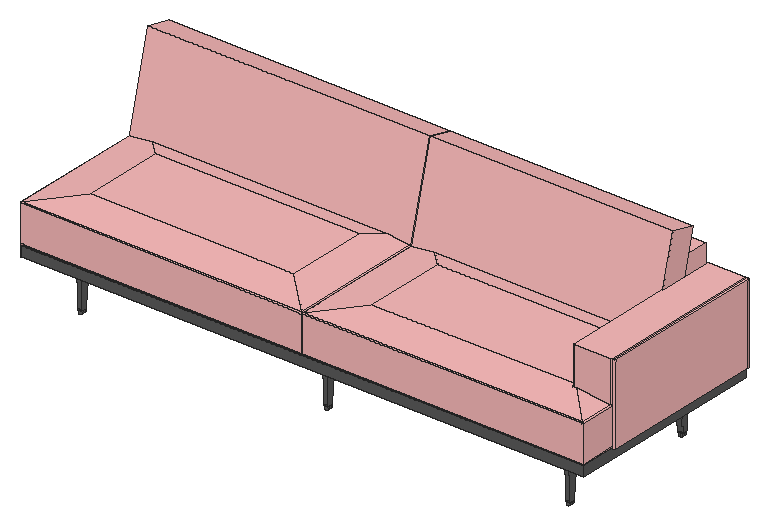
Revit family "Haworth_Lyda_Lounge_Sofa_OneArm", category Furniture, Revit 2018
Family settings
  OmniClass Number = 23.40.70.14.64.21
  OmniClass Title = Systems Furniture
  Work Plane-Based = No
  Always vertical = Yes
  Cut with Voids When Loaded = No
  Shared = No
  Room Calculation Point = No
Parameters (values of type "Three Seat Sofa")
  Warranty = "http://www.haworth.com/resources/product-info/warranties"
  Upholstery Finish [instance] = Haworth _ Fabric _ Atlas _ 501 LW-G
  URL - Product = "https://www.haworth.com/na/en/products/lounge-sofas/ottomans/lydalounge.html"
  URL = "www.haworth.com"
  Two Seats = no
  Three Seats = yes
  Sustainability Info = "https://www.haworth.com/company-info/sustainability"
  Standard Width = "48.75, 62.75, 90.75 in"  # constant formula
  Standard Depth = "32.75 in"  # constant formula
  Size = "Verify Final Dim. w/ Haworth"  # constant formula
  Seat Width = if(Chair, 48 3/4", if(Two Seats, 31 3/8", 45 3/8"))  # 45 3/8"
  Seat Height = 17"  # constant formula
  Seat Depth = 25 3/4"  # constant formula
  Revision Number = "1"  # constant formula
  Model = "HCCL-LYL3-RN"
  Manufacturer = "Haworth"  # constant formula
  Leg Width = 5 119/128"  # constant formula
  Leg Offset = 4 1/2"  # constant formula
  Leg Finish = Haworth _ Paint _ Black
  Left Chair = not(Chair)  # yes
  Drawers = yes
  Drawer Finish [instance] = Haworth _ Fabric _ Atlas _ 501 LW-G
  Description = "Haworth - Lyda - Lounge - Sofa - Three Seats - w/One Arm"
  Chair = not(or(Two Seats, Three Seats))  # no
  Base Finish [instance] = Haworth _ Paint _ Black
  Back Upholstery Width = Seat Width - 6 1/4"  # 39 1/8"
  Author = "Haworth (Abd Rahman)"  # constant formula
  Assembly Code = "E2020200"
  Arm Width = 6 1/4"  # constant formula
  Arm Height = 12 49/64"  # constant formula
  Arm Finish [instance] = Haworth _ Fabric _ Atlas _ 501 LW-G
  Arm Depth = 27"  # constant formula
  Actual Width = if(Chair, 48 3/4", if(Two Seats, 62 3/4", 90 3/4"))  # 90 3/4"
  Actual Height = 30 1/4"  # constant formula
  Actual Depth = 32 3/4"  # constant formula
Types (3): name | Two Seats | Three Seats | Seat Width | Model | Left Chair | Drawers | Description | Chair | Back Upholstery Width | Actual Width
  Two Seat Sofa | yes | no | 31 3/8" | "HCCL-LYL2-RN" | yes | yes | "Haworth - Lyda - Lounge - Sofa - Two Seats - w/One Arm" | no | 25 1/8" | 62 3/4"
  One Seat Sofa | no | no | 48 3/4" | "HCCL-LYL1-RN" | no | no | "Haworth - Lyda - Lounge - Chair - One Seat - w/One Arm" | yes | 42 1/2" | 48 3/4"
  Three Seat Sofa | no | yes | 45 3/8" | "HCCL-LYL3-RN" | yes | yes | "Haworth - Lyda - Lounge - Sofa - Three Seats - w/One Arm" | no | 39 1/8" | 90 3/4"
Reference planes (in)
  plane 1: z = 0
  plane 2 "Center L/R": x = -6.17556
  plane 3 "Center F/B": y = -11.5
  plane 4 "Back": y = 4.875
  plane 5 "Front": y = -27.875
  plane 6 "Right": x = 39.19944
  plane 7 "Left": x = -51.55056
  plane 8: z = 17
  plane 9: z = 8.24731
  plane 10: z = 9.90088
  plane 11: z = 7.9995
  plane 12: z = 30.25
  plane 13: x = 32.94944
  plane 14: x = -45.62087
  plane 15: y = -23.375
  plane 16: y = 0.375
Forms (in)
  Extrusion 1, solid, material "Haworth _ Paint _ Black" <- "Base Finish"
    sketch origin (0, 0, 0) x (1, 0, 0) y (0, 1, 0)
      loop
        arc (-51.2927, 4.875) -> (-51.47503, 4.79948) -> (-51.55056, 4.61715) r 0.25785
        line (-51.55056, 4.61715) -> (-51.55056, -27.625)
        arc (-51.55056, -27.625) -> (-51.47733, -27.80178) -> (-51.30056, -27.875) r 0.25
        line (-51.30056, -27.875) -> (39.19944, -27.875) -> (39.19944, 4.875) -> (-51.2927, 4.875)
    from 8.24731 to 9.90088
Lines and regions (in)
  Masking region 1
    outline origin (0, 0, 0) x (1, 0, 0) y (0, 1, 0)
      loop
        line (38.94944, 4.875) -> (-51.2927, 4.875)
        arc (-51.2927, 4.875) -> (-51.47503, 4.79948) -> (-51.55056, 4.61715) r 0.25785
        line (-51.55056, 4.61715) -> (-51.55056, -27.625)
        arc (-51.55056, -27.625) -> (-51.47733, -27.80178) -> (-51.30056, -27.875) r 0.25
        line (-51.30056, -27.875) -> (38.94944, -27.875)
        arc (38.94944, -27.875) -> (39.12622, -27.80178) -> (39.19944, -27.625) r 0.25
        line (39.19944, -27.625) -> (39.19944, 4.625)
        arc (39.19944, 4.625) -> (39.12622, 4.80178) -> (38.94944, 4.875) r 0.25
  symbolic lines
    curve 1: line (32.94944, 4.875, 0) -> (32.94944, -22.125, 0)
    curve 2: line (39.19944, -22.125, 0) -> (32.94944, -22.125, 0)
Dimensions and locks (in)
  "Actual Width": plane 7 "Left" to plane 6 "Right"
  equal spacing: plane 4 "Back", plane 3 "Center F/B", plane 5 "Front"
  "Actual Depth": plane 4 "Back" to plane 5 "Front"
  "Seat Height": plane 8 to level
  "Actual Height": plane 12 to level
  "Arm Width": plane 13 to plane 6 "Right"
  "Leg Width": plane 7 "Left" to plane 14
  "Leg Offset": plane 4 "Back" to plane 16
  "Leg Offset": plane 15 to plane 5 "Front"
  aligned and locked: Extrusion 1 to plane 10
  aligned and locked: Extrusion 1 to plane 9
  aligned and locked: Extrusion 1 sketch curve to plane 6 "Right"
  aligned and locked: Extrusion 1 sketch curve to plane 5 "Front"
  aligned and locked: Extrusion 1 sketch curve to plane 7 "Left"
  aligned and locked: Extrusion 1 sketch curve to plane 4 "Back"
  aligned and locked: plane 5 "Front" to nested 1
  aligned and locked: plane 5 "Front" to nested 4
  aligned and locked: plane 4 "Back" to nested 3
  aligned and locked: plane 4 "Back" to nested 2
  aligned and locked: plane 4 "Back" to nested 5
  aligned and locked: plane 10 to nested 5
  aligned and locked: plane 10 to nested 2
  aligned and locked: plane 10 to nested 3
  aligned and locked: plane 6 "Right" to nested 5
  aligned and locked: plane 6 "Right" to nested 1
  aligned and locked: nested 2 to plane 13
  aligned and locked: plane 13 to nested 7
  aligned and locked: nested 9 to plane 13
  aligned and locked: plane 14 to nested 6
  aligned and locked: nested 8 to plane 14
  aligned and locked: nested 10 to plane 2 "Center L/R"
  aligned and locked: plane 2 "Center L/R" to nested 11
  aligned and locked: curve 1 to nested 5
  aligned and locked: curve 2 to nested 5
  aligned and locked: plane 13 to curve 2
  aligned and locked: plane 6 "Right" to curve 2
  aligned and locked: plane 4 "Back" to curve 1
  aligned and locked: nested 5 to curve 1
  aligned and locked: plane 7 "Left" to nested 4
  aligned and locked: plane 7 "Left" to nested 3
  aligned and locked: plane 4 "Back" to nested 12
  aligned and locked: plane 6 "Right" to nested 12
  aligned and locked: plane 10 to nested 1
  aligned and locked: plane 10 to nested 12
  aligned and locked: plane 10 to nested 4
  aligned and locked: plane 4 "Back" to Masking region 1
  aligned and locked: Masking region 1 to plane 5 "Front"
  aligned and locked: Masking region 1 to plane 7 "Left"
  aligned and locked: plane 6 "Right" to Masking region 1
  aligned and locked: nested 8 to plane 16
  aligned and locked: nested 6 to plane 15
  aligned and locked: plane 15 to nested 7
  aligned and locked: plane 16 to nested 9
Automatic sketch dimensions
  Masking region 1 sketch curve to plane 7 "Left" = 0"
  Masking region 1 sketch curve to plane 5 "Front" = 0"
  plane 4 "Back" to Masking region 1 sketch curve = 0"
  Masking region 1 sketch curve to plane 6 "Right" = 0"
  Masking region 1 sketch curve to Masking region 1 sketch curve = 1/4"  (x2)
  plane 7 "Left" to Masking region 1 sketch curve = 0.25785"
  Masking region 1 sketch curve to plane 4 "Back" = 1/4"
  plane 7 "Left" to Extrusion 1 sketch curve = 1/4"
  Extrusion 1 sketch curve to plane 4 "Back" = 0.25785"
Nested families (in)
  nested 1: "Haworth_Lyda_Cushion_Rectangle_Sofa_PART" at (22.6875, -0.10151, 0), Cushion Finish <- "Upholstery Finish", type "Cushion - Rectangle - Sofa - PART"
    with Cushion Finish Haworth _ Fabric _ Atlas _ 501 LW-G, Actual Width 45 3/8", Actual Depth 25 3/4"
  nested 2: "Haworth_Lyda_BackUpholstery_PART" at (19.5625, 0, 0), Back Upholstery Finish <- "Upholstery Finish", type "Back Upholstery - Right - PART"
    with Back Upholstery Finish Haworth _ Fabric _ Atlas _ 501 LW-G, Actual Width 39 1/8"
  nested 3: "Haworth_Lyda_BackUpholstery_PART" at (-22.6875, 0, 0), visible <- "Left Chair", Back Upholstery Finish <- "Upholstery Finish", type "Back Upholstery - Left - PART"
    with Back Upholstery Finish Haworth _ Fabric _ Atlas _ 501 LW-G, Actual Width 45 3/8"
  nested 4: "Haworth_Lyda_Cushion_Rectangle_PART" at (-22.6875, -0.10151, 0), visible <- "Left Chair", Cushion Finish <- "Upholstery Finish", type "Cushion - Rectangle - PART"
    with Cushion Finish Haworth _ Fabric _ Atlas _ 501 LW-G, Actual Width 45 3/8", Actual Depth 25 3/4"
  nested 5: "Haworth_Lyda_Arm_PART" at (42.25, -8.02148, 0), Arm Finish <- "Arm Finish", type "Arm - PART"
    with Arm Finish Haworth _ Fabric _ Atlas _ 501 LW-G, Actual Depth 27"
  nested 6: "Haworth_Lyda_Leg_PART" at (-39.49073, -7.50667, 0), Support Finish <- "Leg Finish", type "Leg - PART"
    with Support Finish Haworth _ Paint _ Black
  nested 7: "Haworth_Lyda_Leg_PART" at (26.81931, -7.50667, 0) x (-1, 0, 0) z (0, 0, 1), Support Finish <- "Leg Finish", type "Leg - PART"
    with Support Finish Haworth _ Paint _ Black
  nested 8: "Haworth_Lyda_Leg_PART" at (-39.49073, -15.49333, 0), Support Finish <- "Leg Finish", type "Leg - PART"
    with Support Finish Haworth _ Paint _ Black
  nested 9: "Haworth_Lyda_Leg_PART" at (26.81931, -15.49333, 0) x (-1, 0, 0) z (0, 0, 1), Support Finish <- "Leg Finish", type "Leg - PART"
    with Support Finish Haworth _ Paint _ Black
  nested 10: "Haworth_Lyda_Leg_PART" at (-0.04542, -7.28732, 0), visible <- "Three Seats", Support Finish <- "Leg Finish", type "Leg - PART"
    with Support Finish Haworth _ Paint _ Black
  nested 11: "Haworth_Lyda_Leg_PART" at (-0.04542, -15.71268, 0), visible <- "Three Seats", Support Finish <- "Leg Finish", type "Leg - PART"
    with Support Finish Haworth _ Paint _ Black
  nested 12: "Haworth_Lyda_Drawer_PART" at (45.62109, -8.02148, 0), Drawer Finish <- "Drawer Finish", visible <- "Drawers", type "Drawer - PART"
    with Drawer Finish Haworth _ Fabric _ Atlas _ 501 LW-G, Actual Depth 27"
Definition of nested family "Haworth_Lyda_Cushion_Rectangle_Sofa_PART"
  Parameters (values of type "Cushion - Rectangle - Sofa - PART")
    Warranty = "http://www.haworth.com/resources/product-info/warranties"
    URL - Product = ""
    URL = "www.haworth.com"
    Sustainability Info = "https://www.haworth.com/company-info/sustainability"
    Size = "Verify Final Dim. w/ Haworth"  # constant formula
    Seat Height = 17"  # constant formula
    Revision Number = "1"  # constant formula
    Model = "Haworth - Lyda"  # constant formula
    Manufacturer = "Haworth"  # constant formula
    Description = "Haworth - Lyda - Cushion - Rectangle - Sofa - PART"  # constant formula
    Cushion Finish [instance] = none
    Author = "Haworth (Abd Rahman)"  # constant formula
    Assembly Code = "E2020200"
    Actual Width = 42"
    Actual Height = 30 1/4"  # constant formula
    Actual Depth = 25 61/64"
  Reference planes (in)
    plane 1: z = 0
    plane 2 "Center L/R": x = -6.17556
    plane 3 "Front": y = -27.87505
    plane 4 "Right": x = 14.82444
    plane 5 "Left": x = -27.17556
    plane 6: z = 17
    plane 7: z = 8.24731
    plane 8: z = 9.90088
    plane 9: z = 7.9995
    plane 10: z = 30.25
    plane 11: x = -17.17556
    plane 12: x = 4.82444
    plane 13 "Back": y = -1.92193
    plane 14 "Center (Front/Back)": y = -14.89849
    plane 15: y = -11.92378
    plane 16: y = -17.87505
    plane 17: y = -22.12505
    plane 18: y = 0.87495
    plane 19: x = 8.57444
    plane 20: x = 21.37055
  Forms (in)
    Extrusion 1, solid, material <- "Cushion Finish"
      sketch origin (0, 0, 0) x (1, 0, 0) y (0, 1, 0)
        loop
          line (-17.17556, -11.92378) -> (-17.17556, -17.87505) -> (4.82444, -17.87505) -> (4.82444, -11.92378) -> (-17.17556, -11.92378)
      from 9.90088 to 16.68463
    Sweep 2, solid, material <- "Cushion Finish"
      path in 3D
        loop
          line (4.82444, -11.92378, 16.68463) -> (-17.17556, -11.92378, 16.68463) -> (-17.17556, -17.87505, 16.68463) -> (4.82444, -17.87505, 16.68463) -> (4.82444, -11.92378, 16.68463)
      profile origin (4.82444, -14.89941, 16.68463) x (-1, 0, 0) y (0, 0, 1)
        loop
          line (0, 0) -> (-3.70108, 0)
          arc (-3.70108, 0) -> (-6.80163, -0.15611) -> (-9.87082, -0.62287) r 30.86799
          arc (-9.87082, -0.62287) -> (-9.9636, -0.67895) -> (-10, -0.78107) r 0.16145
          line (-10, -0.78107) -> (-10, -6.65029)
          arc (-10, -6.65029) -> (-9.96149, -6.74327) -> (-9.8685, -6.78179) r 0.1315
          line (-9.8685, -6.78179) -> (0, -6.78179) -> (0, 0)
    Extrusion 3, void
      sketch origin (0, 0, 0) x (1, 0, 0) y (0, 1, 0)
        loop
          line (8.57444, 0.87495) -> (8.57444, -22.12505) -> (21.37055, -22.12505) -> (21.37055, 0.87495) -> (8.57444, 0.87495)
      from 0 to 28
  Cuts and joins
    Extrusion 3 cuts Extrusion 1
    Extrusion 3 cuts Sweep 2
    joined: Extrusion 1, Sweep 2
  Lines and regions (in)
    Masking region 1
      outline origin (0, 0, 0) x (1, 0, 0) y (0, 1, 0)
        loop
          line (-27.17736, -1.92203) -> (-27.17736, -27.8768) -> (14.82444, -27.8768) -> (14.82444, -22.12505) -> (8.57444, -22.12505) -> (8.57444, -1.92203) -> (-27.17736, -1.92203)
    sketch lines
      curve 1: line (4.82444, -17.87505, 16.68463) -> (4.82444, -11.92378, 16.68463)
      curve 2: line (4.82444, -11.92378, 16.68463) -> (-17.17556, -11.92378, 16.68463)
      curve 3: line (-17.17556, -11.92378, 16.68463) -> (-17.17556, -17.87505, 16.68463)
      curve 4: line (-17.17556, -17.87505, 16.68463) -> (4.82444, -17.87505, 16.68463)
  Dimensions and locks (in)
    equal spacing: plane 5 "Left", plane 2 "Center L/R", plane 4 "Right"
    "Actual Width": plane 5 "Left" to plane 4 "Right"
    "Seat Height": plane 6 to level
    "Actual Height": plane 10 to level
    locked: plane 12 to plane 4 "Right" at 10
    locked: plane 5 "Left" to plane 11 at 10
    equal spacing: plane 3 "Front", plane 14 "Center (Front/Back)", plane 13 "Back"
    "Actual Depth": plane 3 "Front" to plane 13 "Back"
    locked: plane 3 "Front" to plane 16 at 10
    locked: plane 15 to plane 13 "Back" at 10.00185
    plane 19 to plane 4 "Right" to plane 20 = 6 1/4" locked, 6.54611" locked
    plane 18 to plane 13 "Back" = 2 51/64"
    plane 17 to plane 3 "Front" = 5 3/4"
    aligned and locked: plane 12 to Extrusion 1 sketch curve
    aligned and locked: Extrusion 1 sketch curve to plane 11
    aligned and locked: plane 8 to Extrusion 1
    aligned and locked: Sweep 2 sketch curve to plane 4 "Right"
    aligned and locked: Extrusion 1 sketch curve to plane 16
    aligned and locked: plane 15 to Extrusion 1 sketch curve
    aligned and locked: Extrusion 3 sketch curve to plane 18
    aligned and locked: plane 17 to Extrusion 3 sketch curve
    aligned and locked: Extrusion 3 sketch curve to plane 20
    aligned and locked: Masking region 1 sketch curve to cut or joined group of Extrusion 1, Sweep 2, Extrusion 3  (x2)
    aligned and locked: Masking region 1 sketch curve to plane 4 "Right"
  Automatic sketch dimensions
    Sweep 2 sketch curve to profile plane = 0"  (x2)
    profile plane to Sweep 2 sketch curve = 3.70108"
    Sweep 2 sketch curve to profile plane = 0.78107"
    Sweep 2 sketch curve to Sweep 2 sketch curve = 0.02996"
    Sweep 2 sketch curve to Sweep 2 sketch curve = 0.16145"
    Sweep 2 sketch curve to Sweep 2 sketch curve = 5.86922"
    Sweep 2 sketch curve to Sweep 2 sketch curve = 24.0862"
    Extrusion 3 sketch curve to plane 19 = 0"
    plane 13 "Back" to Masking region 1 sketch curve = 0.0001"
    Masking region 1 sketch curve to plane 5 "Left" = 0.0018"
    Masking region 1 sketch curve to plane 3 "Front" = 0.00175"
Definition of nested family "Haworth_Lyda_BackUpholstery_PART"
  Parameters (values of type "Back Upholstery - PART")
    Warranty = "http://www.haworth.com/resources/product-info/warranties"
    URL - Product = ""
    URL = "www.haworth.com"
    Sustainability Info = "https://www.haworth.com/company-info/sustainability"
    Size = "Verify Final Dim. w/ Haworth"  # constant formula
    Seat Height = 17"  # constant formula
    Revision Number = "1"  # constant formula
    Model = "Haworth - Lyda"  # constant formula
    Manufacturer = "Haworth"  # constant formula
    Description = "Haworth - Lyda - Back Upholstery - PART"  # constant formula
    Back Upholstery Finish [instance] = none
    Author = "Haworth (Abd Rahman)"  # constant formula
    Assembly Code = "E2020200"
    Actual Width = 42 1/2"
    Actual Height = 30 1/4"  # constant formula
    Actual Depth = 10 245/256"  # constant formula
  Reference planes (in)
    plane 1: z = 0
    plane 2 "Center L/R": x = -6.17556
    plane 3 "Back": y = 4.875
    plane 4 "Right": x = 15.07444
    plane 5 "Left": x = -27.42556
    plane 6: z = 17
    plane 7: z = 8.24731
    plane 8: z = 9.90088
    plane 9: z = 7.9995
    plane 10: z = 30.25
    plane 11 "Front": y = -6.08203
    plane 12 "Center (Front/Back)": y = -0.60352
  Forms (in)
    Sweep 1, solid, material <- "Back Upholstery Finish"
      path origin (-32.25, 0, 0) x (1, 0, 0) y (0, 1, 0)
        loop
          line (47.32444, 0.99703) -> (4.82444, 0.99703)
      profile origin (-6.17556, 0.99703, 0) x (0, -1, 0) y (0, 0, 1)
        loop
          line (-3.64093, 9.90088) -> (3.12279, 9.90088) -> (3.12203, 15.32659) -> (2.73707, 15.32659) -> (0, 25.59256) -> (-3.59839, 25.59675)
          arc (-3.59839, 25.59675) -> (-3.88208, 17.74953) -> (-3.64093, 9.90088) r 117.48518
    Sweep 2, solid, material <- "Back Upholstery Finish"
      path origin (-32.25, 0, 0) x (1, 0, 0) y (0, 1, 0)
        loop
          line (47.32444, -2.12173) -> (4.82444, -2.12173)
      profile origin (-6.17556, -2.12173, 0) x (0, -1, 0) y (0, 0, 1)
        loop
          arc (3.96036, 15.32659) -> (2.17689, 22.84002) -> (0.00327, 30.25) r 147.73615
          arc (0.00327, 30.25) -> (-2.06438, 29.82589) -> (-4.08326, 29.21012) r 22.52629
          line (-4.08326, 29.21012) -> (-0.38169, 15.32659) -> (3.96036, 15.32659)
  Lines and regions (in)
    Masking region 1
      outline origin (0, 0, 0) x (1, 0, 0) y (0, 1, 0)
        loop
          line (14.82444, 4.875) -> (-27.1677, 4.875)
          arc (-27.1677, 4.875) -> (-27.35003, 4.79948) -> (-27.42556, 4.61715) r 0.25785
          line (-27.42556, 4.61715) -> (-27.42556, -5.83209)
          arc (-27.42556, -5.83209) -> (-27.35233, -6.00887) -> (-27.17556, -6.08209) r 0.25
          line (-27.17556, -6.08209) -> (14.82444, -6.08209)
          arc (14.82444, -6.08209) -> (15.00122, -6.00887) -> (15.07444, -5.83209) r 0.25
          line (15.07444, -5.83209) -> (15.07444, 4.625)
          arc (15.07444, 4.625) -> (15.00122, 4.80178) -> (14.82444, 4.875) r 0.25
    symbolic lines
      curve 1: line (-27.42556, 1.96156, 0) -> (15.07444, 1.96156, 0)
      curve 2: line (15.07444, 1.96156, 0) -> (15.07444, -2.12574, 0)
      curve 3: line (15.07444, -2.12574, 0) -> (-27.42556, -2.12574, 0)
      curve 4: line (-27.42556, 0.99706, 0) -> (15.07444, 0.99706, 0)
      curve 5: line (15.07444, -1.74001, 0) -> (-27.42556, -1.74001, 0)
  Dimensions and locks (in)
    equal spacing: plane 5 "Left", plane 2 "Center L/R", plane 4 "Right"
    "Actual Width": plane 5 "Left" to plane 4 "Right"
    "Seat Height": plane 6 to level
    "Actual Height": plane 10 to level
    equal spacing: plane 3 "Back", plane 12 "Center (Front/Back)", plane 11 "Front"
    "Actual Depth": plane 3 "Back" to plane 11 "Front"
    aligned and locked: plane 4 "Right" to Sweep 2 sketch curve
    aligned and locked: plane 4 "Right" to Sweep 1 sketch curve
    aligned and locked: Sweep 2 to Masking region 1 sketch curve
  Automatic sketch dimensions
    Masking region 1 sketch curve to plane 5 "Left" = 0"
    Masking region 1 sketch curve to plane 3 "Back" = 0"
    Masking region 1 sketch curve to plane 4 "Right" = 0"
    Masking region 1 sketch curve to Masking region 1 sketch curve = 1/4"  (x2)
    plane 5 "Left" to Masking region 1 sketch curve = 0.25785"
    Masking region 1 sketch curve to plane 3 "Back" = 1/4"
    Sweep 1 sketch curve to plane 5 "Left" = 0"
    Sweep 1 sketch curve to profile plane = 0"
    profile plane to Sweep 1 sketch curve = 3.59839"
    profile plane to Sweep 1 sketch curve = 3.64093"
    Sweep 1 sketch curve to profile plane = 2.73707"
    Sweep 1 sketch curve to Sweep 1 sketch curve = 0.38496"
    Sweep 1 sketch curve to profile plane = 3.12279"
    level to Sweep 1 sketch curve = 17.4311"
    Sweep 1 sketch curve to Sweep 1 sketch curve = 110.48064"
    level to Sweep 1 sketch curve = 15.32659"
    Sweep 1 sketch curve to Sweep 1 sketch curve = 5.42571"
    Sweep 1 sketch curve to Sweep 1 sketch curve = 0.00419"
    Sweep 2 sketch curve to plane 5 "Left" = 0"
    Sweep 2 sketch curve to level = 15.02513"
    profile plane to Sweep 2 sketch curve = 140.62437"
    profile plane to Sweep 2 sketch curve = 4.08326"
    profile plane to Sweep 2 sketch curve = 0.38169"
    Sweep 2 sketch curve to profile plane = 3.49076"
    Sweep 2 sketch curve to profile plane = 3.96036"
    level to Sweep 2 sketch curve = 7.99531"
    Sweep 2 sketch curve to Sweep 2 sketch curve = 7.33128"
    Sweep 2 sketch curve to Sweep 2 sketch curve = 13.88353"
    Sweep 1 sketch curve to plane 3 "Back" = 3.87797"
    Sweep 2 sketch curve to plane 3 "Back" = 6.99673"
    curve 1 to plane 5 "Left" = 0"
    curve 5 to plane 5 "Left" = 0"
    curve 2 to plane 4 "Right" = 0"
    curve 3 to plane 12 "Center (Front/Back)" = 1.52222"
    curve 4 to curve 1 = 0.9645"
    curve 3 to curve 5 = 0.38572"
    curve 4 to plane 5 "Left" = 0"
    curve 3 to plane 5 "Left" = 0"
    plane 12 "Center (Front/Back)" to curve 4 = 1.60057"
Definition of nested family "Haworth_Lyda_Cushion_Rectangle_PART"
  Parameters (values of type "Cushion - PART")
    Warranty = "http://www.haworth.com/resources/product-info/warranties"
    URL - Product = "https://www.haworth.com/na/en/products/lounge-sofas/ottomans/lydalounge.html"
    URL = "www.haworth.com"
    Sustainability Info = "https://www.haworth.com/company-info/sustainability"
    Size = "Verify Final Dim. w/ Haworth"  # constant formula
    Seat Height = 17"  # constant formula
    Revision Number = "1"  # constant formula
    Model = "Haworth - Lyda"  # constant formula
    Manufacturer = "Haworth"  # constant formula
    Description = "Haworth - Lyda - Lounge - Cushion - Rectangle - PART"  # constant formula
    Cushion Finish [instance] = none
    Author = "Haworth (Abd Rahman)"  # constant formula
    Assembly Code = "E2020200"
    Actual Width = 56 1/2"
    Actual Height = 30 1/4"  # constant formula
    Actual Depth = 32 3/4"
  Reference planes (in)
    plane 1: z = 0
    plane 2 "Center L/R": x = -6.17556
    plane 3 "Front": y = -31.27349
    plane 4 "Right": x = 22.07444
    plane 5 "Left": x = -34.42556
    plane 6: z = 17
    plane 7: z = 8.24731
    plane 8: z = 9.90088
    plane 9: z = 7.9995
    plane 10: z = 30.25
    plane 11: x = -24.42556
    plane 12: x = 12.07444
    plane 13 "Back": y = 1.47651
    plane 14 "Center (Front/Back)": y = -14.89849
    plane 15: y = -8.52534
    plane 16: y = -21.27349
  Forms (in)
    Extrusion 1, solid, material <- "Cushion Finish"
      sketch origin (0, 0, 0) x (1, 0, 0) y (0, 1, 0)
        loop
          line (-24.42556, -8.52534) -> (-24.42556, -21.27349) -> (12.07444, -21.27349) -> (12.07444, -8.52534) -> (-24.42556, -8.52534)
      from 9.90088 to 16.68463
    Sweep 2, solid, material <- "Cushion Finish"
      path in 3D
        loop
          line (12.07444, -8.52534, 16.68463) -> (-24.42556, -8.52534, 16.68463) -> (-24.42556, -21.27349, 16.68463) -> (12.07444, -21.27349, 16.68463) -> (12.07444, -8.52534, 16.68463)
      profile origin (12.07444, -14.89941, 16.68463) x (-1, 0, 0) y (0, 0, 1)
        loop
          line (0, 0) -> (-3.70108, 0)
          arc (-3.70108, 0) -> (-6.80163, -0.15611) -> (-9.87082, -0.62287) r 30.86799
          arc (-9.87082, -0.62287) -> (-9.9636, -0.67895) -> (-10, -0.78107) r 0.16145
          line (-10, -0.78107) -> (-10, -6.65029)
          arc (-10, -6.65029) -> (-9.96149, -6.74327) -> (-9.8685, -6.78179) r 0.1315
          line (-9.8685, -6.78179) -> (0, -6.78179) -> (0, 0)
  Cuts and joins
    joined: Extrusion 1, Sweep 2
  Lines and regions (in)
    Masking region 1
      outline origin (0, 0, 0) x (1, 0, 0) y (0, 1, 0)
        loop
          line (-34.42736, 1.47641) -> (-34.42736, -31.27524) -> (22.07625, -31.27524) -> (22.07625, 1.47641) -> (-34.42736, 1.47641)
    sketch lines
      curve 1: line (12.07444, -21.27349, 16.68463) -> (12.07444, -8.52534, 16.68463)
      curve 2: line (12.07444, -8.52534, 16.68463) -> (-24.42556, -8.52534, 16.68463)
      curve 3: line (-24.42556, -8.52534, 16.68463) -> (-24.42556, -21.27349, 16.68463)
      curve 4: line (-24.42556, -21.27349, 16.68463) -> (12.07444, -21.27349, 16.68463)
  Dimensions and locks (in)
    equal spacing: plane 5 "Left", plane 2 "Center L/R", plane 4 "Right"
    "Actual Width": plane 5 "Left" to plane 4 "Right"
    "Seat Height": plane 6 to level
    "Actual Height": plane 10 to level
    locked: plane 12 to plane 4 "Right" at 10
    locked: plane 5 "Left" to plane 11 at 10
    equal spacing: plane 3 "Front", plane 14 "Center (Front/Back)", plane 13 "Back"
    "Actual Depth": plane 3 "Front" to plane 13 "Back"
    locked: plane 3 "Front" to plane 16 at 10
    locked: plane 15 to plane 13 "Back" at 10.00185
    aligned and locked: plane 12 to Extrusion 1 sketch curve
    aligned and locked: Extrusion 1 sketch curve to plane 11
    aligned and locked: plane 8 to Extrusion 1
    aligned and locked: Masking region 1 sketch curve to cut or joined group of Extrusion 1, Sweep 2  (x4)
    aligned and locked: Sweep 2 sketch curve to plane 4 "Right"
    aligned and locked: Extrusion 1 sketch curve to plane 16
    aligned and locked: plane 15 to Extrusion 1 sketch curve
  Automatic sketch dimensions
    Sweep 2 sketch curve to profile plane = 0"  (x2)
    profile plane to Sweep 2 sketch curve = 3.70108"
    Sweep 2 sketch curve to profile plane = 0.78107"
    Sweep 2 sketch curve to Sweep 2 sketch curve = 0.02996"
    Sweep 2 sketch curve to Sweep 2 sketch curve = 0.16145"
    Sweep 2 sketch curve to Sweep 2 sketch curve = 5.86922"
    Sweep 2 sketch curve to Sweep 2 sketch curve = 24.0862"
Definition of nested family "Haworth_Lyda_Arm_PART"
  Parameters (values of type "Arm - PART")
    Warranty = "http://www.haworth.com/resources/product-info/warranties"
    URL - Product = ""
    URL = "www.haworth.com"
    Sustainability Info = "https://www.haworth.com/company-info/sustainability"
    Size = "Verify Final Dim. w/ Haworth"  # constant formula
    Seat Height = 17"  # constant formula
    Revision Number = "1"  # constant formula
    Model = "Haworth - Lyda"  # constant formula
    Manufacturer = "Haworth"  # constant formula
    Description = "Haworth - Lyda - Arm - PART"  # constant formula
    Author = "Haworth (Abd Rahman)"  # constant formula
    Assembly Code = "E2020200"
    Arm Finish [instance] = none
    Actual Width = 6 1/4"
    Actual Height = 12 49/64"
    Actual Depth = 28"
  Reference planes (in)
    plane 1: z = 0
    plane 2 "Center L/R": x = -6.17556
    plane 3 "Back": y = 13.39648
    plane 4 "Right": x = -3.05056
    plane 5 "Left": x = -9.30056
    plane 6: z = 17
    plane 7: z = 8.24731
    plane 8: z = 9.90088
    plane 9: z = 7.9995
    plane 10: z = 12.76562
    plane 11 "Front": y = -14.60352
    plane 12 "Center (Front/Back)": y = -0.60352
    plane 13: z = 22.6665
  Forms (in)
    Extrusion 1, solid, material <- "Arm Finish"
      sketch origin (0, 0, 0) x (1, 0, 0) y (0, 1, 0)
        loop
          arc (-9.05056, 13.39648) -> (-9.22733, 13.32326) -> (-9.30056, 13.14648) r 0.25
          line (-9.30056, 13.14648) -> (-9.30056, -14.35352)
          arc (-9.30056, -14.35352) -> (-9.22733, -14.53029) -> (-9.05056, -14.60352) r 0.25
          line (-9.05056, -14.60352) -> (-3.30056, -14.60352)
          arc (-3.30056, -14.60352) -> (-3.12378, -14.53029) -> (-3.05056, -14.35352) r 0.25
          line (-3.05056, -14.35352) -> (-3.05056, 13.14648)
          arc (-3.05056, 13.14648) -> (-3.12378, 13.32326) -> (-3.30056, 13.39648) r 0.25
          line (-3.30056, 13.39648) -> (-9.05056, 13.39648)
      from 9.90088 to 22.6665
  Lines and regions (in)
    Masking region 1
      outline origin (0, 0, 0) x (1, 0, 0) y (0, 1, 0)
        loop
          line (-9.30056, 13.14648) -> (-9.30056, -14.35352)
          arc (-9.30056, -14.35352) -> (-9.22733, -14.53029) -> (-9.05056, -14.60352) r 0.25
          line (-9.05056, -14.60352) -> (-3.30056, -14.60352)
          arc (-3.30056, -14.60352) -> (-3.12378, -14.53029) -> (-3.05056, -14.35352) r 0.25
          line (-3.05056, -14.35352) -> (-3.05056, 13.14648)
          arc (-3.05056, 13.14648) -> (-3.12378, 13.32326) -> (-3.30056, 13.39648) r 0.25
          line (-3.30056, 13.39648) -> (-9.05056, 13.39648)
          arc (-9.05056, 13.39648) -> (-9.22733, 13.32326) -> (-9.30056, 13.14648) r 0.25
  Dimensions and locks (in)
    equal spacing: plane 5 "Left", plane 2 "Center L/R", plane 4 "Right"
    "Actual Width": plane 5 "Left" to plane 4 "Right"
    "Seat Height": plane 6 to level
    "Actual Height": plane 10 to level
    equal spacing: plane 3 "Back", plane 12 "Center (Front/Back)", plane 11 "Front"
    "Actual Depth": plane 3 "Back" to plane 11 "Front"
    "Actual Height": plane 8 to plane 13
    aligned and locked: Extrusion 1 sketch curve to plane 4 "Right"
    aligned and locked: plane 11 "Front" to Extrusion 1 sketch curve
    aligned and locked: plane 5 "Left" to Extrusion 1 sketch curve
    aligned and locked: Extrusion 1 sketch curve to plane 3 "Back"
    aligned and locked: Extrusion 1 to plane 13
    aligned and locked: plane 8 to Extrusion 1
    aligned and locked: Masking region 1 sketch curve to plane 11 "Front"
    aligned and locked: plane 4 "Right" to Masking region 1 sketch curve
    aligned and locked: Masking region 1 sketch curve to plane 5 "Left"
    aligned and locked: plane 3 "Back" to Masking region 1 sketch curve
  Automatic sketch dimensions
    Extrusion 1 sketch curve to plane 3 "Back" = 1/4"  (x2)
    Extrusion 1 sketch curve to Extrusion 1 sketch curve = 1/4"
    Extrusion 1 sketch curve to plane 4 "Right" = 1/4"
    Masking region 1 sketch curve to plane 3 "Back" = 1/4"  (x2)
    Masking region 1 sketch curve to plane 4 "Right" = 1/4"
    plane 11 "Front" to Masking region 1 sketch curve = 1/4"
Definition of nested family "Haworth_Lyda_Leg_PART"
  Parameters (values of type "Leg - PART")
    Warranty = "http://www.haworth.com/resources/product-info/warranties"
    URL - Product = "https://www.haworth.com/na/en/products/lounge-sofas/ottomans/lydalounge.html"
    URL = "www.haworth.com"
    Sustainability Info = "https://www.haworth.com/company-info/sustainability"
    Support Finish [instance] = none
    Size = "Verify Final Dim. w/ Haworth"  # constant formula
    Revision Number = "1"  # constant formula
    Model = "Haworth Lyda"  # constant formula
    Manufacturer = "Haworth"  # constant formula
    Description = "Haworth - Lyda - Leg PART"  # constant formula
    Author = "Haworth (Abd Rahman)"  # constant formula
    Assembly Code = "E2020200"
    Actual Width = 3 1/4"  # constant formula
    Actual Height = 8 63/256"  # constant formula
    Actual Depth = 7 241/256"  # constant formula
  Reference planes (in)
    plane 1: z = 0
    plane 2: z = 8.24609
    plane 3: z = 7.9995
    plane 4 "Center (Front/Back)": y = -11.89763
    plane 5 "Right": x = -4.50514
    plane 6 "Left": x = -7.75514
    plane 7 "Center (Left/Right)": x = -6.13014
    plane 8 "Front": y = -15.86833
    plane 9 "Back": y = -7.92693
  Forms (in)
    Blend 1, solid, material <- "Support Finish"
      base sketch origin (-15.7151, 7.34424, 0) x (1, 0, 0) y (0, 1, 0)
        loop
          arc (10.9737, -15.75611) -> (10.90047, -15.57933) -> (10.7237, -15.50611) r 0.25
          line (10.7237, -15.50611) -> (8.44615, -15.50611)
          arc (8.44615, -15.50611) -> (8.26938, -15.57933) -> (8.19615, -15.75611) r 0.25
          line (8.19615, -15.75611) -> (8.19615, -22.72652)
          arc (8.19615, -22.72652) -> (8.28096, -22.91416) -> (8.47783, -22.97451) r 0.25
          line (8.47783, -22.97451) -> (9.08232, -22.89729)
          arc (9.08232, -22.89729) -> (9.58492, -23.2126) -> (10.08752, -22.89729) r 0.55823
          line (10.08752, -22.89729) -> (10.69202, -22.97451)
          arc (10.69202, -22.97451) -> (10.88889, -22.91416) -> (10.9737, -22.72652) r 0.25
          line (10.9737, -22.72652) -> (10.9737, -15.75611)
      top sketch origin (-15.7151, 7.34424, 0) x (1, 0, 0) y (0, 1, 0)
        loop
          arc (7.95996, -22.71316) -> (8.10642, -23.06673) -> (8.45999, -23.21316) r 0.5
          line (8.45999, -23.21316) -> (10.70997, -23.21304)
          arc (10.70997, -23.21304) -> (11.06351, -23.06658) -> (11.20994, -22.71304) r 0.5
          line (11.20994, -22.71304) -> (11.20994, -15.76992)
          arc (11.20994, -15.76992) -> (11.0635, -15.41636) -> (10.70994, -15.26992) r 0.5
          line (10.70994, -15.26992) -> (8.45996, -15.26992)
          arc (8.45996, -15.26992) -> (8.10641, -15.41636) -> (7.95996, -15.76992) r 0.5
          line (7.95996, -15.76992) -> (7.95996, -22.71316)
      from 7.9995 to 8.24731
    Extrusion 2, solid, material <- "Support Finish"
      sketch origin (-0.64065, 7.34424, 0) x (0, 1, 0) y (0, 0, 1)
        loop
          arc (-22.89729, 7.9995) -> (-23.09889, 8.06946) -> (-23.21382, 8.24927) r 0.32546
          line (-23.21382, 8.24927) -> (-23.14652, 0.56683)
          arc (-23.14652, 0.56683) -> (-23.12554, 0.5171) -> (-23.07562, 0.49656) r 0.0709
          line (-23.07562, 0.49656) -> (-22.29789, 0.49656)
          arc (-22.29789, 0.49656) -> (-22.25795, 0.51209) -> (-22.23899, 0.55052) r 0.05913
          arc (-22.23899, 0.55052) -> (-22.04885, 2.57156) -> (-21.83293, 4.59) r 159.07204
          arc (-21.83293, 4.59) -> (-21.73327, 5.12242) -> (-21.55814, 5.63499) r 3.75965
          arc (-21.55814, 5.63499) -> (-21.10365, 6.18486) -> (-20.4224, 6.39658) r 1.25
          line (-20.4224, 6.39658) -> (-17.30777, 6.4338)
          arc (-17.30777, 6.4338) -> (-16.18821, 6.89165) -> (-15.70269, 7.9995) r 1.61124
          line (-15.70269, 7.9995) -> (-22.89729, 7.9995)
      from -5.85929 to -5.16531
    Extrusion 3, solid, material <- "Support Finish"
      sketch origin (-15.7151, 7.34424, 0) x (1, 0, 0) y (0, 1, 0)
        loop
          arc (9.27139, -22.83335) -> (9.58492, -23.14688) -> (9.89846, -22.83335) r 0.31353
          line (9.89846, -22.83335) -> (9.89846, -22.36609)
          arc (9.89846, -22.36609) -> (9.86123, -22.27621) -> (9.77135, -22.23898) r 0.12711
          line (9.77135, -22.23898) -> (9.39989, -22.23898)
          arc (9.39989, -22.23898) -> (9.30903, -22.27662) -> (9.27139, -22.36748) r 0.1285
          line (9.27139, -22.36748) -> (9.27139, -22.83335)
      from 0 to 0.49656
  Cuts and joins
    joined: Blend 1, Extrusion 2, Extrusion 3
  Lines and regions (in)
    symbolic lines
      curve 1: line (-4.50515, -15.3688, 0) -> (-4.50515, -8.42567, 0)
      curve 2: arc (-4.50515, -8.42567, 0) -> (-4.6516, -8.07212, 0) -> (-5.00515, -7.92567, 0) r 0.5
      curve 3: line (-5.00515, -7.92567, 0) -> (-7.25514, -7.92567, 0)
      curve 4: arc (-7.25514, -7.92567, 0) -> (-7.60869, -8.07212, 0) -> (-7.75514, -8.42567, 0) r 0.5
      curve 5: line (-7.75514, -8.42567, 0) -> (-7.75514, -15.36892, 0)
      curve 6: arc (-7.75514, -15.36892, 0) -> (-7.60869, -15.72248, 0) -> (-7.25514, -15.86892, 0) r 0.5
      curve 7: arc (-5.00513, -15.8688, 0) -> (-4.65159, -15.72234, 0) -> (-4.50515, -15.3688, 0) r 0.5
      curve 8: line (-7.25514, -15.86892, 0) -> (-5.00511, -15.86892, 0)
  Dimensions and locks (in)
    equal spacing: plane 6 "Left", plane 7 "Center (Left/Right)", plane 5 "Right"
    "Actual Width": plane 6 "Left" to plane 5 "Right"
    equal spacing: plane 8 "Front", plane 4 "Center (Front/Back)", plane 9 "Back"
    "Actual Depth": plane 8 "Front" to plane 9 "Back"
    "Actual Height": plane 2 to level
  Automatic sketch dimensions
    Blend 1 sketch curve to Blend 1 sketch curve = 1/4"  (x3)
    Blend 1 sketch curve to Blend 1 sketch curve = 0.03168"  (x2)
    Blend 1 sketch curve to Blend 1 sketch curve = 0.60449"  (x2)
    Blend 1 sketch curve to Blend 1 sketch curve = 0.5026"  (x2)
    Blend 1 sketch curve to Blend 1 sketch curve = 2.27754"
    Blend 1 sketch curve to Blend 1 sketch curve = 0"
    Blend 1 sketch curve to Blend 1 sketch curve = 0.07722"
    Blend 1 sketch curve to Blend 1 sketch curve = 0.24292"
    Blend 1 sketch curve to Blend 1 sketch curve = 1/2"  (x3)
    Blend 1 sketch curve to Blend 1 sketch curve = 0.00003"  (x2)
    Blend 1 sketch curve to Blend 1 sketch curve = 2 1/4"  (x2)
    Blend 1 sketch curve to Blend 1 sketch curve = 0.00012"
    plane 3 to Extrusion 2 sketch curve = 0"
    Extrusion 2 sketch curve to plane 2 = 0.00318"
    level to Extrusion 2 sketch curve = 0.56683"
    Extrusion 2 sketch curve to Extrusion 2 sketch curve = 0.0709"
    Extrusion 2 sketch curve to Extrusion 2 sketch curve = 0.31654"
    Extrusion 2 sketch curve to Extrusion 2 sketch curve = 0.77773"
    plane 3 to Extrusion 2 sketch curve = 1.60292"
    Extrusion 2 sketch curve to Extrusion 2 sketch curve = 2.47489"
    Extrusion 2 sketch curve to Extrusion 2 sketch curve = 0.01494"
    Extrusion 2 sketch curve to Extrusion 2 sketch curve = 2.31023"
    Extrusion 2 sketch curve to plane 3 = 0.04553"
    Extrusion 2 sketch curve to Extrusion 2 sketch curve = 3.10911"
    plane 3 to Extrusion 2 sketch curve = 1.5657"
    Extrusion 2 sketch curve to Extrusion 2 sketch curve = 0.00552"
    Extrusion 2 sketch curve to level = 13.33836"
    Extrusion 2 sketch curve to Extrusion 2 sketch curve = 0.07028"
    Extrusion 2 sketch curve to Extrusion 2 sketch curve = 0.05913"
    Extrusion 2 sketch curve to Extrusion 2 sketch curve = 2.26753"
    Extrusion 2 sketch curve to Extrusion 2 sketch curve = 1.24991"
    Extrusion 2 sketch curve to Extrusion 2 sketch curve = 0"  (x2)
    Extrusion 3 sketch curve to Extrusion 3 sketch curve = 0.1285"
    Extrusion 3 sketch curve to Extrusion 3 sketch curve = 0.31353"
    Extrusion 3 sketch curve to Extrusion 3 sketch curve = 0.12711"
    Extrusion 3 sketch curve to Extrusion 3 sketch curve = 0.46587"
    Blend 1 sketch curve to plane 6 "Left" = 0.23619"
    Blend 1 sketch curve to plane 6 "Left" = 0"
    Extrusion 3 sketch curve to plane 6 "Left" = 1.31143"
    Blend 1 sketch curve to plane 4 "Center (Front/Back)" = 3.48576"
    Blend 1 sketch curve to plane 4 "Center (Front/Back)" = 3.47195"
    Extrusion 2 sketch curve to Extrusion 2 sketch curve = 151.92826"
    plane 4 "Center (Front/Back)" to Blend 1 sketch curve = 3.4125"
    plane 4 "Center (Front/Back)" to Blend 1 sketch curve = 3.47117"
    plane 4 "Center (Front/Back)" to Extrusion 2 sketch curve = 3.97195"
    plane 4 "Center (Front/Back)" to Extrusion 2 sketch curve = 3.90465"
    plane 4 "Center (Front/Back)" to Extrusion 3 sketch curve = 3.59148"
    curve 6 to plane 6 "Left" = 0"
    curve 6 to plane 6 "Left" = 1/2"
    curve 3 to plane 9 "Back" = 0.00125"
    curve 3 to plane 6 "Left" = 1/2"
    plane 5 "Right" to curve 7 = 1/2"
    plane 5 "Right" to curve 2 = 1/2"
    plane 5 "Right" to curve 1 = 0"
    curve 1 to plane 8 "Front" = 0.49953"
    curve 6 to plane 8 "Front" = 0.49941"
    plane 8 "Front" to curve 7 = 0.00047"
    curve 7 to curve 8 = 0"
    curve 8 to curve 7 = 0.00012"
Definition of nested family "Haworth_Lyda_Drawer_PART"
  Parameters (values of type "Drawer - PART")
    Warranty = "http://www.haworth.com/resources/product-info/warranties"
    URL - Product = ""
    URL = "www.haworth.com"
    Sustainability Info = "https://www.haworth.com/company-info/sustainability"
    Size = "Verify Final Dim. w/ Haworth"  # constant formula
    Seat Height = 17"  # constant formula
    Revision Number = "1"  # constant formula
    Model = "Haworth - Lyda"  # constant formula
    Manufacturer = "Haworth"  # constant formula
    Drawer Finish [instance] = none
    Description = "Haworth - Lyda - Drawer - PART"  # constant formula
    Author = "Haworth (Abd Rahman)"  # constant formula
    Assembly Code = "E2020200"
    Actual Width = 63/128"  # constant formula
    Actual Height = 12 49/64"  # constant formula
    Actual Depth = 28"
  Reference planes (in)
    plane 1: z = 0
    plane 2 "Center L/R": x = -6.17556
    plane 3 "Back": y = 13.39648
    plane 4 "Right": x = -5.92946
    plane 5 "Left": x = -6.42165
    plane 6: z = 17
    plane 7: z = 8.24731
    plane 8: z = 9.90088
    plane 9: z = 7.9995
    plane 10: z = 12.76562
    plane 11 "Front": y = -14.60352
    plane 12 "Center (Front/Back)": y = -0.60352
    plane 13: z = 22.6665
  Forms (in)
    Extrusion 1, solid, material <- "Drawer Finish"
      sketch origin (0, 0, 0) x (1, 0, 0) y (0, 1, 0)
        loop
          arc (-5.92946, 13.15181) -> (-6.17556, 13.3979) -> (-6.42165, 13.15181) r 0.24609
          line (-6.42165, 13.15181) -> (-6.42165, -14.35884)
          arc (-6.42165, -14.35884) -> (-6.17556, -14.60494) -> (-5.92946, -14.35884) r 0.24609
          line (-5.92946, -14.35884) -> (-5.92946, 13.15181)
      from 9.90088 to 22.6665
  Lines and regions (in)
    Masking region 1
      outline origin (0, 0, 0) x (1, 0, 0) y (0, 1, 0)
        loop
          line (-6.42165, 13.15181) -> (-6.42165, -14.35884)
          arc (-6.42165, -14.35884) -> (-6.17556, -14.60494) -> (-5.92946, -14.35884) r 0.24609
          line (-5.92946, -14.35884) -> (-5.92946, 13.15181)
          arc (-5.92946, 13.15181) -> (-6.17556, 13.3979) -> (-6.42165, 13.15181) r 0.24609
  Dimensions and locks (in)
    equal spacing: plane 5 "Left", plane 2 "Center L/R", plane 4 "Right"
    "Actual Width": plane 5 "Left" to plane 4 "Right"
    "Seat Height": plane 6 to level
    "Actual Height": plane 10 to level
    equal spacing: plane 3 "Back", plane 12 "Center (Front/Back)", plane 11 "Front"
    "Actual Depth": plane 3 "Back" to plane 11 "Front"
    "Actual Height": plane 8 to plane 13
    aligned and locked: Extrusion 1 to plane 13
    aligned and locked: plane 8 to Extrusion 1
    aligned and locked: Masking region 1 sketch curve to Extrusion 1  (x2)
  Automatic sketch dimensions
    Extrusion 1 sketch curve to plane 5 "Left" = 0"
    Extrusion 1 sketch curve to plane 2 "Center L/R" = 0"
    Extrusion 1 sketch curve to plane 3 "Back" = 0.24467"
    plane 11 "Front" to Extrusion 1 sketch curve = 0.24467"
